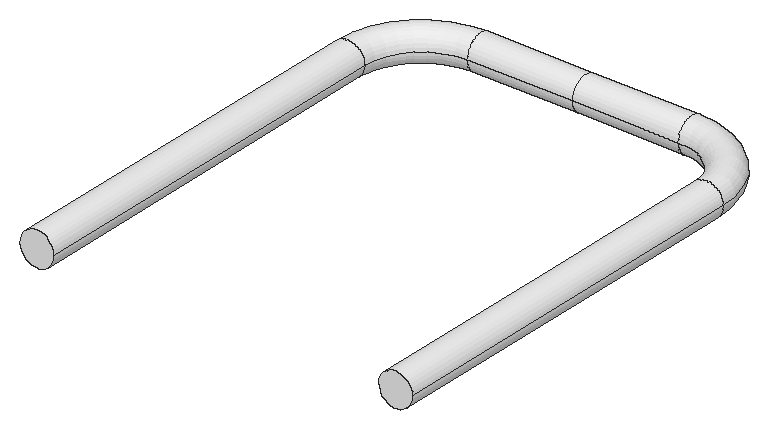
Revit family "Siedzisko_prysznicowe_uchylne_stal_biala", category Furniture, host Wall, Revit 2019
Family settings
  Host = Wall
  Always vertical = Yes
  Cut with Voids When Loaded = No
  Shared = No
  Room Calculation Point = No
Parameters (values of type "S25KPU2SWB")
  Width / Szerokosc = 440 mm  # constant formula
  Weight / Waga = "7.2 kg"
  URL = "https://faneco.com/siedzisko-prysznicowe-uchylne-stal-biala.html"
  Type Comments = "Siedzisko prysznicowe uchylne stal biała"
  Product code / Kod produktu = "S25KPU2SWB"
  Model = ""
  Material finish / Wykonczenie = "Stal węglowa"
  Material = Farba epoksydowa biała
  Manufacturer code / Kod producenta = "5901764295297"
  Manufacturer = "FANECO.com"
  Height / Wysokosc = 150 mm  # constant formula
  Description = "Siedzisko prysznicowe uchylne to krzesełko łazienkowe przeznaczone do toalet dla niepełnosprawnych. Montuje się je naściennie pod prysznicem w celu wsparcia osób z dysfunkcjami ruchowymi. Dzięki niemu użytkownicy są bardziej samodzielni, czują się bezpieczniej i mogą w wygodniejszy sposób korzystać z prysznica. Taboret łazienkowy wykonany jest ze stali węglowej, pomalowanej na biało. Możliwość złożenia go pozwala zaoszczędzić miejsce w czasie, gdy nie jest on użytkowany. Uniwersalne, odporne na uszkodzenia, stabilne i funkcjonalne siedzisko umożliwia skuteczne dostosowanie toalety do potrzeb osób niepełnosprawnych."
  Depth / Glebokosc = 460 mm  # constant formula
  Color / Kolor = "Farba epoksydowa biała"
Reference planes
  plane 1 "Wall": y = 0
  plane 2 "Center (Left/Right)": x = 125
  plane 3 "Back": y = 75
Text (mm)
  text "Placement Side" at (-1848.837, 1116.779, 0), in view "Ref. Level"
  text "Placement side" at (0, 1409.804, 2854.306), in view "Left"
  text "Placement side" at (0, 499.811, 2980.732), in view "Right"
Dimensions and locks
  locked: plane 3 "Back" to host wall
  aligned and locked: plane 1 "Wall" to host wall
Nested families
  nested 1: "Low_detail" at (125, 75, 1075) x (-1, 0, 0) z (0, 1, 0), Material <- "Material", G <- "Depth / Glebokosc", S <- "Width / Szerokosc", W <- "Height / Wysokosc", type "Low_detail", detail levels coarse
    with W 150 mm, S 440 mm, Material Farba epoksydowa biała, G 460 mm
  nested 2: "SKPUSWB2_medium" at (125, 75, 1000) x (-1, 0, 0) z (0, 1, 0), type "SKPUSWB2_medium", detail levels medium
  nested 3: "SKPUSWB2_high" at (125, 75, 1000) x (-1, 0, 0) z (0, 1, 0), type "SKPUSWB2_high", detail levels fine
Definition of nested family "Low_detail"
  Parameters
    W [instance] = 721.812 mm
    S [instance] = 880 mm
    Material [instance] = none
    G [instance] = 250 mm
    Default Elevation = 1219.2 mm
  Reference planes
    plane 1 "Center (Front/Back)": y = 0
    plane 2: z = 0
    plane 3 "Center (Left/Right)": x = 0
    plane 4: x = -440
    plane 5: x = 440
    plane 6: y = 360.906
    plane 7: y = -360.906
  Forms (mm)
    Extrusion 1, solid
      sketch origin (0, 0, 0) x (1, 0, 0) y (0, 1, 0)
        loop
          line (-1219.2, 1219.2) -> (-1219.2, -1219.2) -> (1219.2, -1219.2) -> (1219.2, 1219.2) -> (-1219.2, 1219.2)
      from 0 to -304.8
    Extrusion 2, solid, material <- "Material"
      sketch origin (0, 0, 0) x (1, 0, 0) y (0, 1, 0)
        loop
          line (-440, 360.906) -> (-440, -360.906) -> (440, -360.906) -> (440, 360.906) -> (-440, 360.906)
      from 0 to 250 <- "G"
  Dimensions and locks
    equal spacing: plane 4, plane 3 "Center (Left/Right)", plane 5
    "S": plane 4 to plane 5
    equal spacing: plane 6, plane 1 "Center (Front/Back)", plane 7
    "W": plane 6 to plane 7
    aligned and locked: plane 2 to Extrusion 1
    aligned and locked: level to Extrusion 1
    aligned and locked: Extrusion 2 sketch curve to plane 6
    aligned and locked: plane 4 to Extrusion 2 sketch curve
    aligned and locked: plane 7 to Extrusion 2 sketch curve
    aligned and locked: Extrusion 2 sketch curve to plane 5
  Automatic sketch dimensions
    Extrusion 1 sketch curve to Extrusion 1 sketch curve = 2438.4 mm  (x2)
Definition of nested family "SKPUSWB2_medium"
  Parameters
    Material = none
    Default Elevation = 1219.2 mm
  Reference planes
    plane 1 "Center (Front/Back)": y = 0
    plane 2: z = 0
    plane 3 "Center (Left/Right)": x = 0
    plane 4 "podpora": y = 75
  Forms (mm)
    Extrusion 1, solid
      sketch origin (0, 0, 0) x (1, 0, 0) y (0, 1, 0)
        loop
          line (-1219.2, 1219.2) -> (-1219.2, -1219.2) -> (1219.2, -1219.2) -> (1219.2, 1219.2) -> (-1219.2, 1219.2)
      from 0 to -304.8
    Sweep 2, solid, material <- "Material"
      path in 3D
        loop
          line (-170, 75, 6) -> (-170, 75, 374.023)
          arc (-170, 75, 374.023) -> (-149.496, 75, 423.512) -> (-100, 75, 444) r 69.977
          line (-100, 75, 444) -> (0, 75, 444) -> (100, 75, 444)
          arc (100, 75, 444) -> (149.496, 75, 423.512) -> (170, 75, 374.023) r 69.977
          line (170, 75, 374.023) -> (170, 75, 6)
      profile origin (-170, 75, 190.011) x (1, 0, 0) y (0, 1, 0)
        loop
          circle (0, 0) r 16
    Extrusion 3, solid, material <- "Material"
      sketch origin (0, 0, 0) x (1, 0, 0) y (0, 1, 0)
        loop
          line (-220, 141) -> (-220, 9)
          arc (-220, 9) -> (-217.364, 2.636) -> (-211, 0) r 9
          line (-211, 0) -> (-129, 0)
          arc (-129, 0) -> (-122.636, 2.636) -> (-120, 9) r 9
          line (-120, 9) -> (-120, 141)
          arc (-120, 141) -> (-122.636, 147.364) -> (-129, 150) r 9
          line (-129, 150) -> (-211, 150)
          arc (-211, 150) -> (-217.364, 147.364) -> (-220, 141) r 9
        loop
          circle (-208.006, 138.022) r 4
        loop
          circle (-131.994, 138.022) r 4
        loop
          circle (-208.006, 11.978) r 4
        loop
          circle (-131.994, 11.978) r 4
      from 0 to 3
    Extrusion 4, solid, material <- "Material"
      sketch origin (0, 0, 0) x (-1, 0, 0) y (0, -1, 0)
        loop
          arc (-220, -141) -> (-217.364, -147.364) -> (-211, -150) r 9
          line (-211, -150) -> (-129, -150)
          arc (-129, -150) -> (-122.636, -147.364) -> (-120, -141) r 9
          line (-120, -141) -> (-120, -9)
          arc (-120, -9) -> (-122.636, -2.636) -> (-129, 0) r 9
          line (-129, 0) -> (-211, 0)
          arc (-211, 0) -> (-217.364, -2.636) -> (-220, -9) r 9
          line (-220, -9) -> (-220, -141)
        loop
          circle (-208.006, -138.022) r 4
        loop
          circle (-131.994, -138.022) r 4
        loop
          circle (-208.006, -11.978) r 4
        loop
          circle (-131.994, -11.978) r 4
      from 0 to 3
    Extrusion 5, solid, material <- "Material"
      sketch origin (0, 0, 0) x (0, 1, 0) y (0, 0, 1)
        loop
          line (91, 198) -> (91, 118) -> (106, 118) -> (106, 198) -> (91, 198)
        loop
          line (91, 329) -> (91, 249) -> (106, 249) -> (106, 329) -> (91, 329)
        loop
          line (91, 460) -> (91, 380) -> (106, 380) -> (106, 460) -> (91, 460)
      from -205 to 205
    Extrusion 6, solid, material <- "Material"
      sketch origin (0, 0, 0) x (1, 0, 0) y (0, 1, 0)
        loop
          line (-188, 93) -> (-188, 57) -> (-186.5, 57) -> (-186.5, 91.5) -> (-153.5, 91.5) -> (-153.5, 57) -> (-152, 57) -> (-152, 93) -> (-188, 93)
      from 3 to 103
    Extrusion 7, void
      sketch origin (0, 0, 0) x (1, 0, 0) y (0, 0, 1)
        loop
          line (-154, 83) -> (-154, 108) -> (-186, 108) -> (-186, 83)
          arc (-186, 83) -> (-170, 67) -> (-154, 83) r 16
      from -117.087 to -45.274
    Extrusion 8, solid, material <- "Material"
      sketch origin (0, 0, 0) x (-1, 0, 0) y (0, -1, 0)
        loop
          line (-188, -93) -> (-152, -93) -> (-152, -57) -> (-153.5, -57) -> (-153.5, -91.5) -> (-186.5, -91.5) -> (-186.5, -57) -> (-188, -57) -> (-188, -93)
      from 3 to 103
    Extrusion 9, void
      sketch origin (0, 0, 0) x (-1, 0, 0) y (0, 0, -1)
        loop
          arc (-154, -83) -> (-170, -67) -> (-186, -83) r 16
          line (-186, -83) -> (-186, -108) -> (-154, -108) -> (-154, -83)
      from -117.087 to -45.274
  Cuts and joins
    Extrusion 7, Extrusion 9 cuts Extrusion 6
    Extrusion 9 cuts Extrusion 8
  Lines and regions (mm)
    reference lines
      curve 1: line (-120, 91, 0) -> (-120, 59, 0)
      curve 2: line (-170, 75, 6) -> (-170, 75, 374.023)
      curve 3: line (170, 75, 6) -> (170, 75, 374.023)
      curve 4: line (-100, 75, 444) -> (0, 75, 444)
      curve 5: arc (-170, 75, 374.023) -> (-149.496, 75, 423.512) -> (-100, 75, 444) r 69.977
      curve 6: line (100, 75, 444) -> (0, 75, 444)
      curve 7: arc (170, 75, 374.023) -> (149.496, 75, 423.512) -> (100, 75, 444) r 69.977
    sketch lines
      curve 8: line (-170, 75, 6) -> (-170, 75, 374.023)
      curve 9: arc (-170, 75, 374.023) -> (-149.496, 75, 423.512) -> (-100, 75, 444) r 69.977
      curve 10: line (-100, 75, 444) -> (0, 75, 444)
      curve 11: line (100, 75, 444) -> (0, 75, 444)
      curve 12: arc (170, 75, 374.023) -> (149.496, 75, 423.512) -> (100, 75, 444) r 69.977
      curve 13: line (170, 75, 6) -> (170, 75, 374.023)
  Dimensions and locks
    aligned and locked: plane 2 to Extrusion 1
    aligned and locked: level to Extrusion 1
Definition of nested family "SKPUSWB2_high"
  Parameters (values of type "SKPUSWB2_high")
    Material = none
    Default Elevation = 1219.2 mm
  Reference planes
    plane 1 "Center (Front/Back)": y = 0
    plane 2: z = 0
    plane 3 "Center (Left/Right)": x = 0
    plane 4 "podpora": y = 75
  Forms (mm)
    Extrusion 1, solid
      sketch origin (0, 0, 0) x (1, 0, 0) y (0, 1, 0)
        loop
          line (-1219.2, 1219.2) -> (-1219.2, -1219.2) -> (1219.2, -1219.2) -> (1219.2, 1219.2) -> (-1219.2, 1219.2)
      from 0 to -304.8
    Sweep 2, solid, material <- "Material"
      path in 3D
        loop
          line (-170, 75, 6) -> (-170, 75, 374.023)
          arc (-170, 75, 374.023) -> (-149.496, 75, 423.512) -> (-100, 75, 444) r 69.977
          line (-100, 75, 444) -> (0, 75, 444) -> (100, 75, 444)
          arc (100, 75, 444) -> (149.496, 75, 423.512) -> (170, 75, 374.023) r 69.977
          line (170, 75, 374.023) -> (170, 75, 6)
      profile origin (-170, 75, 190.011) x (1, 0, 0) y (0, 1, 0)
        loop
          circle (0, 0) r 16
  Lines and regions (mm)
    reference lines
      curve 1: line (-170, 75, 6) -> (-170, 75, 374.023)
      curve 2: line (170, 75, 6) -> (170, 75, 374.023)
      curve 3: line (-100, 75, 444) -> (0, 75, 444)
      curve 4: arc (-170, 75, 374.023) -> (-149.496, 75, 423.512) -> (-100, 75, 444) r 69.977
      curve 5: line (100, 75, 444) -> (0, 75, 444)
      curve 6: arc (170, 75, 374.023) -> (149.496, 75, 423.512) -> (100, 75, 444) r 69.977
    sketch lines
      curve 7: line (-170, 75, 6) -> (-170, 75, 374.023)
      curve 8: arc (-170, 75, 374.023) -> (-149.496, 75, 423.512) -> (-100, 75, 444) r 69.977
      curve 9: line (-100, 75, 444) -> (0, 75, 444)
      curve 10: line (100, 75, 444) -> (0, 75, 444)
      curve 11: arc (170, 75, 374.023) -> (149.496, 75, 423.512) -> (100, 75, 444) r 69.977
      curve 12: line (170, 75, 6) -> (170, 75, 374.023)
  Dimensions and locks
    aligned and locked: plane 2 to Extrusion 1
    aligned and locked: level to Extrusion 1
